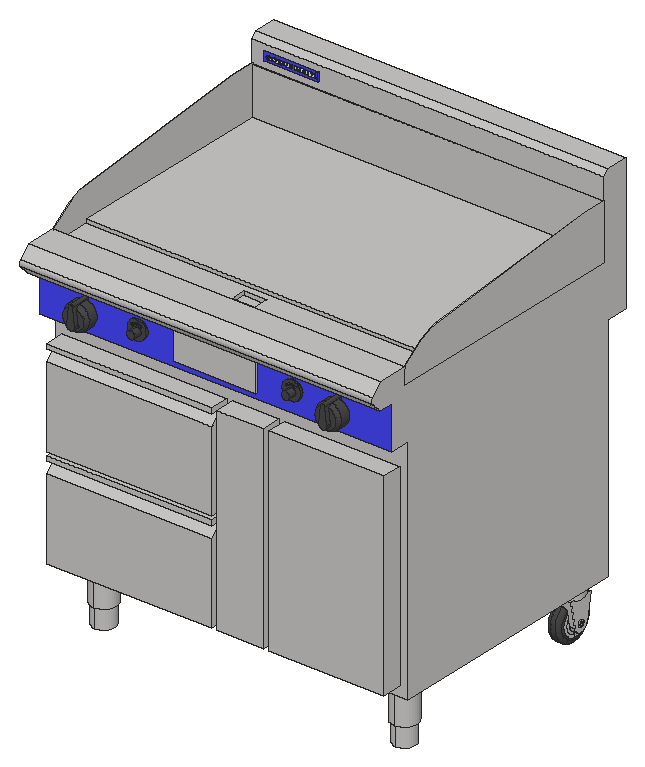
Revit family "QF_MOFFAT_BLUESEAL_CE_GP516-RB", category Specialty Equipment, Revit 2012
Parameters
  Weight in Pounds = 440  # constant formula
  Width [instance] = 900 mm  # constant formula
  Watts = Volts * FL Amps  # 414 W
  Volts = 230 V
  URL Cutsheet = "www.moffat.com"
  URL = "www.moffat.com"
  Type Mark [instance] = ""
  Status [instance] = ""
  Specification by User [instance] = ""
  Specification by Manufacturer = ""
  Show Logo [instance] = yes
  Show Door [instance] = no
  Show Clearance [instance] = yes
  Show Casters [instance] = yes
  Serial Number = ""
  Seismic Rating = ""
  SMACNA No = ""
  Revision Code [instance] = ""
  Phase = 1
  Omniclass Number and Title = ""
  Number of Poles = 1
  NAFEM Spec ID Number = ""
  Model = "GP516-RB"
  Min Ckt Ampacity = 0 A
  Mechanical Remarks = ""
  Mechanical Connection Type = ""
  Max Overcurrent Protection = 0 A
  Masterspec = ""
  Manufacturer = "MOFFAT BLUESEAL"
  Legs [instance] = not(Show Casters)  # no
  Item Number [instance] = ""
  Installed By [instance] = ""
  Identify Quantity as Lot [instance] = yes
  Height = 1085 mm  # constant formula
  HP = ""
  Gas Size = 3/4"
  Gas RI Height [instance] = 0 mm
  Gas KW = 23
  Gas Input = 78300.0 Btu/h
  Gas Connection Height = 0 mm
  Furnished By [instance] = ""
  Foodservice Equipment Identifier [instance] = yes
  FL Amps = 1.8 A
  Elec Conn RI Height = 0 mm
  Elec Conn Connection Height = 0 mm
  Drawer Clearance [instance] = and(Show Clearance, and(Drawer))  # yes
  Drawer [instance] = not(Show Door)  # yes
  Door Clearance [instance] = and(Show Clearance, and(Show Door))  # no
  Description = "900MM GAS GRIDDLE PLATE ON REFRIGERATED BASE"
  Depth [instance] = 812 mm  # constant formula
  Cycle = 50 Hz
  Conn Plug = ""
  Conn Conduit = yes
  CSI MasterFormat = ""
  CSI Master Format = ""
  Back Splash [instance] = 215 mm  # constant formula
  Apparent Power = if(Phase = 3, Volts * FL Amps * 1.73, Volts * FL Amps)  # 414 VA
Reference planes
  plane 1 "BACK": y = 0
  plane 2: z = 0
  plane 3 "LEFT": x = 0
  plane 4 "RIGHT": x = 900
  plane 5 "FRONT": y = -812
  plane 6 "TOP": z = 970
  plane 7 "Center Y": x = 450
  plane 8 "Center X": y = -406
  plane 9 "Base Height": z = 150
  plane 10: z = 915
  plane 11: x = 65
  plane 12: x = 834
  plane 13: y = -625
  plane 14: x = 770
  plane 15: z = 655
  plane 16: y = -32
  plane 17: z = 402
  plane 18: z = 1085
  plane 19: y = -100
Forms (mm)
  Extrusion 1, solid, material "QF_Finishes_Stainless Steel"
    sketch origin (0, 0, 0) x (0, 1, 0) y (0, 0, 1)
      loop
        line (-697, 150) -> (-57, 150) -> (-57, 740) -> (0, 740) -> (0, 1085) -> (-57.5, 1085) -> (-70, 1072.5) -> (-70, 875) -> (-705, 875) -> (-705, 915) -> (-783.97, 915) -> (-808.485, 890.485)
        arc (-808.485, 890.485) -> (-811.999, 882) -> (-808.485, 873.515) r 12
        line (-808.485, 873.515) -> (-784.97, 850) -> (-749, 850) -> (-749, 740) -> (-697, 740) -> (-697, 150)
    from 0 to 900
  Revolve 2, solid, material "QF_Finishes_Stainless Steel", visible <- "Legs"
    sketch origin (834, -210, 0) x (0, 1, 0) y (0, 0, -1)
      loop
        line (78.25, -150) -> (110, -150) -> (110, 0) -> (82.5, 0) -> (82.5, -50) -> (78.25, -50) -> (78.25, -150)
      axis (110, -150) -> (110, 0)
    angle from 0 to 360
  Revolve 3, solid, material "QF_Finishes_Stainless Steel"
    sketch origin (834, -735, 0) x (0, 1, 0) y (0, 0, -1)
      loop
        line (78.25, -150) -> (110, -150) -> (110, 0) -> (82.5, 0) -> (82.5, -50) -> (78.25, -50) -> (78.25, -150)
      axis (110, -150) -> (110, 0)
    angle from 0 to 360
  Revolve 4, solid, material "QF_Finishes_Stainless Steel", visible <- "Legs"
    sketch origin (65, -210, 0) x (0, 1, 0) y (0, 0, -1)
      loop
        line (78.25, -150) -> (110, -150) -> (110, 0) -> (82.5, 0) -> (82.5, -50) -> (78.25, -50) -> (78.25, -150)
      axis (110, -150) -> (110, 0)
    angle from 0 to 360
  Revolve 5, solid, material "QF_Finishes_Stainless Steel"
    sketch origin (65, -735, 0) x (0, 1, 0) y (0, 0, -1)
      loop
        line (78.25, -150) -> (110, -150) -> (110, 0) -> (82.5, 0) -> (82.5, -50) -> (78.25, -50) -> (78.25, -150)
      axis (110, -150) -> (110, 0)
    angle from 0 to 360
  Extrusion 6, solid, material "QF_Finishes_Stainless Steel"
    sketch origin (0, 0, 740) x (-1, 0, 0) y (0, 1, 0)
      loop
        circle (-770, -32) r 9.525
    from 0 to 85
  Extrusion 7, solid, material "QF_Finishes_Stainless Steel"
    sketch origin (0, -57, 685) x (0, 0, 1) y (1, 0, 0)
      loop
        circle (-265, 620) r 13.5
    from 0 to 3.18
  Revolve 8, solid, material "QF_Finishes_Black"
    sketch origin (127.5, 0, 597.8) x (0, 1, 0) y (0, 0, -1)
      loop
        line (-789, -229.5) -> (-766, -229.5) -> (-766, -202) -> (-756, -202) -> (-756, -197) -> (-800, -197) -> (-800, -223.651) -> (-789, -229.5)
      axis (-800, -197) -> (-756, -197)
    angle from 0 to 360
  Extrusion 9, solid, material "QF_Finishes_Black"
    sketch origin (265.77, 0, 597.958) x (-1, 0, 0) y (0, 0, -1)
      loop
        line (127.85, -186.037) -> (133.271, -228.955)
        arc (133.271, -228.955) -> (138.27, -233.842) -> (143.268, -228.955) r 5
        line (143.268, -228.955) -> (148.757, -184.87)
        arc (148.757, -184.87) -> (137.685, -174.371) -> (127.85, -186.037) r 10.487
    from 759 to 808
  Revolve 10, solid, material "QF_Finishes_Black"
    sketch origin (772.616, 0, 597.8) x (0, 1, 0) y (0, 0, -1)
      loop
        line (-789, -229.5) -> (-766, -229.5) -> (-766, -202) -> (-756, -202) -> (-756, -197) -> (-800, -197) -> (-800, -223.651) -> (-789, -229.5)
      axis (-800, -197) -> (-756, -197)
    angle from 0 to 360
  Extrusion 11, solid, material "QF_Finishes_Black"
    sketch origin (910.885, 0, 597.958) x (-1, 0, 0) y (0, 0, -1)
      loop
        line (127.85, -186.037) -> (133.271, -228.955)
        arc (133.271, -228.955) -> (138.27, -233.842) -> (143.268, -228.955) r 5
        line (143.268, -228.955) -> (148.757, -184.87)
        arc (148.757, -184.87) -> (137.685, -174.371) -> (127.85, -186.037) r 10.487
    from 759 to 808
  Revolve 12, solid, material "QF_Finishes_Stainless Steel", visible <- "Show Casters"
    sketch origin (485.423, -100.755, -12.798) x (1, 0, 0) y (0, 0, 1)
      loop
        line (314.841, 63.604) -> (383.584, 63.604) -> (383.584, 67.109) -> (382.314, 68.379) -> (380.79, 68.379) -> (380.79, 71.826) -> (368.644, 71.826) -> (368.644, 81.79) -> (365.088, 83.843) -> (363.738, 92.179) -> (365.881, 92.179) -> (365.881, 98.529) -> (365.088, 98.529) -> (365.088, 104.879)
        arc (365.088, 104.879) -> (362.298, 111.614) -> (355.563, 114.404) r 9.525
        line (355.563, 114.404) -> (342.863, 114.404)
        arc (342.863, 114.404) -> (336.127, 111.614) -> (333.338, 104.879) r 9.525
        line (333.338, 104.879) -> (333.338, 98.529) -> (332.544, 98.529) -> (332.544, 92.179) -> (334.687, 92.179) -> (333.352, 83.932) -> (329.782, 81.871) -> (329.782, 71.826) -> (317.635, 71.826) -> (317.635, 68.379) -> (316.111, 68.379) -> (314.841, 67.109) -> (314.841, 63.604)
      axis (314.841, 63.604) -> (383.584, 63.604)
    angle from 0 to 360
  Extrusion 13, solid, material "QF_Finishes_Stainless Steel", visible <- "Show Casters"
    sketch origin (841.147, 132.353, -9.137) x (0, 1, 0) y (0, 0, 1)
      loop
        line (-200.603, 118.783) -> (-264.103, 118.783) -> (-251.746, 53.895)
        arc (-251.746, 53.895) -> (-232.353, 38.783) -> (-212.959, 53.895) r 20
        line (-212.959, 53.895) -> (-200.603, 118.783)
    from -35.667 to 22.923
  Revolve 14, solid, material "QF_Finishes_Stainless Steel", visible <- "Show Casters"
    sketch origin (834.646, -204, -0.354) x (0, 1, 0) y (0, 0, 1)
      loop
        line (68.25, 150) -> (68.25, 110) -> (104, 110) -> (104, 150) -> (68.25, 150)
      axis (104, 150) -> (104, 110)
    angle from 0 to 360
  Revolve 15, solid, material "QF_Finishes_Stainless Steel", visible <- "Show Casters"
    sketch origin (-283.577, -100.755, -12.798) x (1, 0, 0) y (0, 0, 1)
      loop
        line (314.841, 63.604) -> (383.584, 63.604) -> (383.584, 67.109) -> (382.314, 68.379) -> (380.79, 68.379) -> (380.79, 71.826) -> (368.644, 71.826) -> (368.644, 81.79) -> (365.088, 83.843) -> (363.738, 92.179) -> (365.881, 92.179) -> (365.881, 98.529) -> (365.088, 98.529) -> (365.088, 104.879)
        arc (365.088, 104.879) -> (362.298, 111.614) -> (355.563, 114.404) r 9.525
        line (355.563, 114.404) -> (342.863, 114.404)
        arc (342.863, 114.404) -> (336.127, 111.614) -> (333.338, 104.879) r 9.525
        line (333.338, 104.879) -> (333.338, 98.529) -> (332.544, 98.529) -> (332.544, 92.179) -> (334.687, 92.179) -> (333.352, 83.932) -> (329.782, 81.871) -> (329.782, 71.826) -> (317.635, 71.826) -> (317.635, 68.379) -> (316.111, 68.379) -> (314.841, 67.109) -> (314.841, 63.604)
      axis (314.841, 63.604) -> (383.584, 63.604)
    angle from 0 to 360
  Extrusion 16, solid, material "QF_Finishes_Stainless Steel", visible <- "Show Casters"
    sketch origin (72.147, 132.353, -9.137) x (0, 1, 0) y (0, 0, 1)
      loop
        line (-200.603, 118.783) -> (-264.103, 118.783) -> (-251.746, 53.895)
        arc (-251.746, 53.895) -> (-232.353, 38.783) -> (-212.959, 53.895) r 20
        line (-212.959, 53.895) -> (-200.603, 118.783)
    from -35.667 to 22.923
  Revolve 17, solid, material "QF_Finishes_Stainless Steel", visible <- "Show Casters"
    sketch origin (65.646, -204, -0.354) x (0, 1, 0) y (0, 0, 1)
      loop
        line (68.25, 150) -> (68.25, 110) -> (104, 110) -> (104, 150) -> (68.25, 150)
      axis (104, 150) -> (104, 110)
    angle from 0 to 360
  Extrusion 18, solid, material "QF_Finishes_Stainless Steel"
    sketch origin (0, -749, 866) x (0, 0, -1) y (1, 0, 0)
      loop
        line (112.1, 345) -> (112.1, 555) -> (25.201, 555) -> (25.201, 345) -> (112.1, 345)
    from 0 to 2
  Extrusion 19, solid, material "QF_Finishes_Stainless Steel"
    sketch origin (0, -751, 866) x (0, 0, -1) y (1, 0, 0)
      loop
        line (31, 555) -> (24, 555) -> (24, 345) -> (31, 345) -> (31, 555)
    from 0 to 5
  Extrusion 20, solid, material "QF_Finishes_Black"
    sketch origin (17.5, -749, 864.306) x (0, 0, -1) y (1, 0, 0)
      loop
        circle (70, 235) r 24
      loop
        arc (60.1, 249.913) -> (52.064, 235.125) -> (59.882, 220.219) r 17.868
        arc (59.882, 220.219) -> (60.362, 219.934) -> (60.877, 220.149) r 0.621
        arc (60.877, 220.149) -> (62.314, 222.708) -> (62.658, 225.622) r 7.495
        arc (62.658, 225.622) -> (62.454, 226.55) -> (62.006, 227.388) r 3.472
        arc (62.006, 227.388) -> (59.714, 234.851) -> (61.844, 242.362) r 13.786
        arc (61.844, 242.362) -> (62.484, 243.632) -> (62.749, 245.028) r 5.101
        arc (62.749, 245.028) -> (62.378, 247.547) -> (61.084, 249.739) r 6.611
        arc (61.084, 249.739) -> (60.622, 249.997) -> (60.1, 249.913) r 0.806
    from 0 to 5
  Extrusion 21, solid, material "QF_Finishes_Black"
    sketch origin (17.5, -754, 864.306) x (0, 0, -1) y (1, 0, 0)
      loop
        circle (73.5, 235) r 10
    from 0 to 18.251
  Extrusion 22, solid, material "QF_Finishes_Black"
    sketch origin (413.125, -749, 864.306) x (0, 0, -1) y (1, 0, 0)
      loop
        circle (70, 235) r 24
      loop
        arc (60.1, 249.913) -> (52.064, 235.125) -> (59.882, 220.219) r 17.868
        arc (59.882, 220.219) -> (60.362, 219.934) -> (60.877, 220.149) r 0.621
        arc (60.877, 220.149) -> (62.314, 222.708) -> (62.658, 225.622) r 7.495
        arc (62.658, 225.622) -> (62.454, 226.55) -> (62.006, 227.388) r 3.472
        arc (62.006, 227.388) -> (59.714, 234.851) -> (61.844, 242.362) r 13.786
        arc (61.844, 242.362) -> (62.484, 243.632) -> (62.749, 245.028) r 5.101
        arc (62.749, 245.028) -> (62.378, 247.547) -> (61.084, 249.739) r 6.611
        arc (61.084, 249.739) -> (60.622, 249.997) -> (60.1, 249.913) r 0.806
    from 0 to 5
  Extrusion 23, solid, material "QF_Finishes_Black"
    sketch origin (413.125, -754, 864.306) x (0, 0, -1) y (1, 0, 0)
      loop
        circle (73.5, 235) r 10
    from 0 to 18.251
  Extrusion 24, solid, material "QF_Finishes_Stainless Steel"
    sketch origin (0, 0, 0) x (0, 1, 0) y (0, 0, 1)
      loop
        line (-699, 678) -> (-747, 678) -> (-747, 665) -> (-715.13, 665) -> (-749, 636.579) -> (-749, 431) -> (-699, 431) -> (-699, 678)
      loop
        line (-749, 175) -> (-699, 175) -> (-699, 421) -> (-747, 421) -> (-747, 408) -> (-715.13, 408) -> (-749, 379.579) -> (-749, 175)
    from 17.986 to 440
  Extrusion 25, solid, material "QF_Finishes_Stainless Steel"
    sketch origin (723.5, 0, 0) x (0, 1, 0) y (0, 0, 1)
      loop
        line (-699, 678) -> (-749, 678) -> (-749, 175) -> (-699, 175) -> (-699, 678)
    from -270.5 to -150.5
  Extrusion 26, solid, material "QF_Door-Drawer Clearances", visible <- "Show Clearance", detail levels coarse
    sketch origin (0, -749, 676) x (0, 0, -1) y (1, 0, 0)
      loop
        line (501, 440) -> (255, 440) -> (255, 17.986) -> (501, 17.986) -> (501, 440)
      loop
        line (245, 440) -> (-2, 440) -> (-2, 17.986) -> (245, 17.986) -> (245, 440)
    from 0 to 304.8
  Extrusion 27, solid, material "QF_Finishes_Stainless Steel"
    sketch origin (1031.5, 0, 0) x (0, 1, 0) y (0, 0, 1)
      loop
        line (-699, 678) -> (-749, 678) -> (-749, 175) -> (-699, 175) -> (-699, 678)
    from -444.5 to -150.5
Cuts and joins
  joined: Extrusion 18, Extrusion 19
Lines and regions (mm)
  Split face 1
    outline origin (0, 612.322, 1085) x (0, -1, 0) y (1, 0, 0)
      loop
        arc (657.707, 566) -> (652.707, 574.66) -> (642.707, 574.66) r 10
        line (642.707, 574.66) -> (635.707, 570.619)
        arc (635.707, 570.619) -> (632.047, 566.959) -> (630.707, 561.959) r 10
        line (630.707, 561.959) -> (630.707, 334)
        arc (630.707, 334) -> (635.707, 325.34) -> (645.707, 325.34) r 10
        line (645.707, 325.34) -> (652.707, 329.381)
        arc (652.707, 329.381) -> (656.368, 333.041) -> (657.707, 338.041) r 10
        line (657.707, 338.041) -> (657.707, 566)
  Split face 2
    outline origin (0, 612.322, 1085) x (0, -1, 0) y (1, 0, 0)
      loop
        arc (630.707, 624) -> (635.707, 615.34) -> (645.707, 615.34) r 10
        line (645.707, 615.34) -> (652.707, 619.381)
        arc (652.707, 619.381) -> (656.368, 623.041) -> (657.707, 628.041) r 10
        line (657.707, 628.041) -> (657.707, 856)
        arc (657.707, 856) -> (652.707, 864.66) -> (642.707, 864.66) r 10
        line (642.707, 864.66) -> (635.707, 860.619)
        arc (635.707, 860.619) -> (632.047, 856.959) -> (630.707, 851.959) r 10
        line (630.707, 851.959) -> (630.707, 624)
  Split face 3
    outline origin (0, 612.322, 1085) x (0, -1, 0) y (1, 0, 0)
      loop
        arc (657.707, 276) -> (652.707, 284.66) -> (642.707, 284.66) r 10
        line (642.707, 284.66) -> (635.707, 280.619)
        arc (635.707, 280.619) -> (632.047, 276.959) -> (630.707, 271.959) r 10
        line (630.707, 271.959) -> (630.707, 44)
        arc (630.707, 44) -> (635.707, 35.34) -> (645.707, 35.34) r 10
        line (645.707, 35.34) -> (652.707, 39.381)
        arc (652.707, 39.381) -> (656.368, 43.041) -> (657.707, 48.041) r 10
        line (657.707, 48.041) -> (657.707, 276)
  Split face 4
    outline origin (345, -751, 753.9) x (0, 0, -1) y (1, 0, 0)
      loop
        arc (-69, 112) -> (-73, 116) -> (-77, 112) r 4
        line (-77, 112) -> (-77, 98)
        arc (-77, 98) -> (-73, 94) -> (-69, 98) r 4
        line (-69, 98) -> (-69, 112)
  Split face 5
    outline origin (1031.5, -749, 676) x (0, 0, -1) y (1, 0, 0)
      loop
        line (291.62, -416.534) -> (481.62, -416.534) -> (481.62, -181.534) -> (291.62, -181.534) -> (291.62, -416.534)
  Split face 6
    outline origin (1031.5, -749, 931) x (0, 0, -1) y (1, 0, 0)
      loop
        line (291.62, -416.534) -> (356.62, -416.534) -> (356.62, -181.534) -> (291.62, -181.534) -> (291.62, -416.534)
  Split face 7
    outline origin (1031.5, -749, 807.725) x (0, 0, -1) y (1, 0, 0)
      loop
        line (307.841, -274.649) -> (342.841, -274.649) -> (342.841, -219.649) -> (307.841, -219.649) -> (307.841, -274.649)
  Split face 8
    outline origin (939.097, -749, 808.536) x (0, 0, -1) y (1, 0, 0)
      loop
        line (307.841, -274.649) -> (342.841, -274.649) -> (342.841, -239.649) -> (307.841, -239.649) -> (307.841, -274.649)
  symbolic lines
    curve 1: line (0, 0, 0) -> (0, -812, 0)
    curve 2: line (900, 0, 0) -> (0, 0, 0)
    curve 3: line (900, -812, 0) -> (900, 0, 0)
    curve 4: line (0, -812, 0) -> (900, -812, 0)
    curve 13: line (0, -783.97, 0) -> (900, -783.97, 0)
    curve 14: line (44, -18.385, 0) -> (271.959, -18.385, 0)
    curve 15: arc (271.959, -18.385, 0) -> (276.959, -19.725, 0) -> (280.619, -23.385, 0) r 10
    curve 16: line (280.619, -23.385, 0) -> (284.66, -30.385, 0)
    curve 17: arc (284.66, -30.385, 0) -> (284.66, -40.385, 0) -> (276, -45.385, 0) r 10
    curve 18: line (276, -45.385, 0) -> (48.041, -45.385, 0)
    curve 19: arc (48.041, -45.385, 0) -> (43.041, -44.045, 0) -> (39.381, -40.385, 0) r 10
    curve 20: line (39.381, -40.385, 0) -> (35.34, -33.385, 0)
    curve 21: arc (35.34, -33.385, 0) -> (35.34, -23.385, 0) -> (44, -18.385, 0) r 10
    curve 22: line (561.959, -18.385, 0) -> (334, -18.385, 0)
    curve 23: arc (334, -18.385, 0) -> (325.34, -23.385, 0) -> (325.34, -33.385, 0) r 10
    curve 24: line (325.34, -33.385, 0) -> (329.381, -40.385, 0)
    curve 25: arc (329.381, -40.385, 0) -> (333.041, -44.045, 0) -> (338.041, -45.385, 0) r 10
    curve 26: line (338.041, -45.385, 0) -> (566, -45.385, 0)
    curve 27: arc (566, -45.385, 0) -> (574.66, -40.385, 0) -> (574.66, -30.385, 0) r 10
    curve 28: line (574.66, -30.385, 0) -> (570.619, -23.385, 0)
    curve 29: arc (570.619, -23.385, 0) -> (566.959, -19.725, 0) -> (561.959, -18.385, 0) r 10
    curve 30: line (851.959, -18.385, 0) -> (624, -18.385, 0)
    curve 31: arc (624, -18.385, 0) -> (615.34, -23.385, 0) -> (615.34, -33.385, 0) r 10
    curve 32: line (615.34, -33.385, 0) -> (619.381, -40.385, 0)
    curve 33: arc (619.381, -40.385, 0) -> (623.041, -44.045, 0) -> (628.041, -45.385, 0) r 10
    curve 34: line (628.041, -45.385, 0) -> (856, -45.385, 0)
    curve 35: arc (856, -45.385, 0) -> (864.66, -40.385, 0) -> (864.66, -30.385, 0) r 10
    curve 36: line (864.66, -30.385, 0) -> (860.619, -23.385, 0)
    curve 37: arc (860.619, -23.385, 0) -> (856.959, -19.725, 0) -> (851.959, -18.385, 0) r 10
    curve 38: line (900, -57, 0) -> (0, -57, 0)
  symbolic lines, style "SpecialityEquipmentHiddenLines", visible <- "Show Casters"
    curve 5: line (875.952, -62.61, 0) -> (825.152, -150.598, 0)
    curve 6: line (848.456, -46.735, 0) -> (875.952, -62.61, 0)
    curve 7: line (797.656, -134.723, 0) -> (848.456, -46.735, 0)
    curve 8: line (825.152, -150.598, 0) -> (797.656, -134.723, 0)
    curve 9: line (106.952, -62.61, 0) -> (56.152, -150.598, 0)
    curve 10: line (79.456, -46.735, 0) -> (106.952, -62.61, 0)
    curve 11: line (28.656, -134.723, 0) -> (79.456, -46.735, 0)
    curve 12: line (56.152, -150.598, 0) -> (28.656, -134.723, 0)
  symbolic lines, style "QF_Door-Drawer Clearances"
    curve 39: line (17.986, -1053.8, 0) -> (17.986, -812, 0)
    curve 40: line (17.986, -1053.8, 0) -> (440, -1053.8, 0)
    curve 41: line (440, -1053.8, 0) -> (440, -812, 0)
Dimensions and locks
  equal spacing: plane 3 "LEFT", plane 7 "Center Y", plane 4 "RIGHT"
  "Width": plane 3 "LEFT" to plane 4 "RIGHT"
  equal spacing: plane 5 "FRONT", plane 8 "Center X", plane 1 "BACK"
  "Depth": plane 5 "FRONT" to plane 1 "BACK"
  locked: plane 10 to level at 915
  locked: plane 9 "Base Height" to level at 150
  plane 6 "TOP" to plane 10 = 55 mm
  plane 12 to plane 11 = 769 mm
  plane 14 to plane 4 "RIGHT" = 130 mm
  plane 15 to level = 655 mm
  plane 16 to plane 1 "BACK" = 32 mm
  plane 17 to level = 402 mm
  Revolve 12 sketch curve to Revolve 12 sketch curve = 50.8 mm
  Revolve 15 sketch curve to Revolve 15 sketch curve = 50.8 mm
  "Height": plane 18 to level
  Extrusion 7 sketch curve to plane 4 "RIGHT" = 280 mm
  Extrusion 7 sketch curve to level = 420 mm
  Extrusion 6 sketch curve to plane 4 "RIGHT" = 130 mm
  aligned and locked: level to plane 2
Automatic sketch dimensions
  Extrusion 1 sketch curve to plane 10 = 0 mm
  Extrusion 1 sketch curve to plane 9 "Base Height" = 0 mm
  Extrusion 1 sketch curve to plane 18 = 0 mm
  Extrusion 1 sketch curve to plane 1 "BACK" = 0 mm
  Extrusion 1 sketch curve to plane 16 = 25 mm
  Extrusion 1 sketch curve to plane 16 = 25.5 mm
  Extrusion 1 sketch curve to plane 19 = 30 mm
  Extrusion 1 sketch curve to plane 13 = 72 mm
  Extrusion 1 sketch curve to plane 13 = 80 mm
  Extrusion 1 sketch curve to Extrusion 1 sketch curve = 44 mm
  Extrusion 1 sketch curve to plane 5 "FRONT" = 28.03 mm
  Extrusion 1 sketch curve to plane 5 "FRONT" = 27.03 mm
  Extrusion 1 sketch curve to plane 5 "FRONT" = 12.001 mm
  Extrusion 1 sketch curve to plane 5 "FRONT" = 3.515 mm  (x2)
  plane 15 to Extrusion 1 sketch curve = 85 mm  (x2)
  Extrusion 1 sketch curve to plane 10 = 65 mm
  Extrusion 1 sketch curve to Extrusion 1 sketch curve = 23.515 mm
  Extrusion 1 sketch curve to Extrusion 1 sketch curve = 40 mm
  Extrusion 1 sketch curve to Extrusion 1 sketch curve = 8.485 mm
  Extrusion 1 sketch curve to plane 18 = 12.5 mm
  Revolve 2 sketch curve to plane 9 "Base Height" = 0 mm
  Revolve 2 sketch curve to level = 0 mm
  Revolve 2 sketch curve to plane 19 = 0 mm  (x2)
  plane 19 to Revolve 2 sketch curve = 27.5 mm
  plane 19 to Revolve 2 sketch curve = 31.75 mm
  level to Revolve 2 sketch curve = 50 mm
  Revolve 2 sketch curve to Revolve 2 sketch curve = 0 mm
  Revolve 2 sketch curve to Revolve 2 sketch curve = 55 mm
  Revolve 3 sketch curve to plane 9 "Base Height" = 0 mm
  Revolve 3 sketch curve to level = 0 mm
  Revolve 3 sketch curve to plane 13 = 0 mm  (x2)
  Revolve 3 sketch curve to plane 13 = 27.5 mm
  Revolve 3 sketch curve to plane 13 = 31.75 mm
  level to Revolve 3 sketch curve = 50 mm
  Revolve 3 sketch curve to Revolve 3 sketch curve = 0 mm
  Revolve 3 sketch curve to Revolve 3 sketch curve = 55 mm
  Revolve 4 sketch curve to plane 9 "Base Height" = 0 mm
  Revolve 4 sketch curve to level = 0 mm
  Revolve 4 sketch curve to plane 19 = 0 mm  (x2)
  plane 19 to Revolve 4 sketch curve = 27.5 mm
  plane 19 to Revolve 4 sketch curve = 31.75 mm
  level to Revolve 4 sketch curve = 50 mm
  Revolve 4 sketch curve to Revolve 4 sketch curve = 0 mm
  Revolve 4 sketch curve to Revolve 4 sketch curve = 55 mm
  Revolve 5 sketch curve to plane 9 "Base Height" = 0 mm
  Revolve 5 sketch curve to level = 0 mm
  Revolve 5 sketch curve to plane 13 = 0 mm  (x2)
  Revolve 5 sketch curve to plane 13 = 27.5 mm
  Revolve 5 sketch curve to plane 13 = 31.75 mm
  level to Revolve 5 sketch curve = 50 mm
  Revolve 5 sketch curve to Revolve 5 sketch curve = 0 mm
  Revolve 5 sketch curve to Revolve 5 sketch curve = 55 mm
  Extrusion 6 sketch curve to Extrusion 1 = 25 mm
  Revolve 8 sketch curve to plane 5 "FRONT" = 12 mm
  Revolve 8 sketch curve to Revolve 8 sketch curve = 0 mm  (x2)
  Revolve 8 sketch curve to Revolve 8 sketch curve = 11 mm
  Revolve 8 sketch curve to Revolve 8 sketch curve = 12.7 mm
  Revolve 8 sketch curve to Revolve 8 sketch curve = 23 mm
  Revolve 8 sketch curve to Revolve 8 sketch curve = 10 mm
  Revolve 8 sketch curve to plane 10 = 87.7 mm
  Revolve 8 sketch curve to Revolve 8 sketch curve = 5.849 mm
  Revolve 8 sketch curve to Revolve 8 sketch curve = 27.5 mm
  Revolve 8 sketch curve to Revolve 8 sketch curve = 5 mm
  plane 11 to Extrusion 9 sketch curve = 72.919 mm
  Extrusion 9 sketch curve to Extrusion 9 sketch curve = 5.421 mm
  Extrusion 9 sketch curve to Extrusion 9 sketch curve = 10.419 mm
  Extrusion 9 sketch curve to Extrusion 9 sketch curve = 4.999 mm  (x2)
  Extrusion 9 sketch curve to plane 10 = 88.087 mm
  Extrusion 9 sketch curve to Extrusion 9 sketch curve = 10.487 mm
  Extrusion 9 sketch curve to Extrusion 9 sketch curve = 0.113 mm
  Extrusion 9 sketch curve to Extrusion 9 sketch curve = 42.919 mm
  Extrusion 9 sketch curve to Extrusion 9 sketch curve = 1.167 mm
  Revolve 10 sketch curve to plane 5 "FRONT" = 12 mm
  Revolve 10 sketch curve to Revolve 10 sketch curve = 0 mm  (x2)
  Revolve 10 sketch curve to Revolve 10 sketch curve = 11 mm
  Revolve 10 sketch curve to Revolve 10 sketch curve = 12.7 mm
  Revolve 10 sketch curve to Revolve 10 sketch curve = 23 mm
  Revolve 10 sketch curve to Revolve 10 sketch curve = 10 mm
  Revolve 10 sketch curve to plane 10 = 87.7 mm
  Revolve 10 sketch curve to Revolve 10 sketch curve = 5.849 mm
  Revolve 10 sketch curve to Revolve 10 sketch curve = 27.5 mm
  Revolve 10 sketch curve to Revolve 10 sketch curve = 5 mm
  Extrusion 11 sketch curve to Extrusion 11 sketch curve = 5.421 mm
  Extrusion 11 sketch curve to Extrusion 11 sketch curve = 10.419 mm
  Extrusion 11 sketch curve to Extrusion 11 sketch curve = 4.999 mm  (x2)
  Extrusion 11 sketch curve to Extrusion 11 sketch curve = 10.487 mm
  Extrusion 11 sketch curve to plane 10 = 88.087 mm
  Extrusion 11 sketch curve to Extrusion 11 sketch curve = 0.113 mm
  Extrusion 11 sketch curve to Extrusion 11 sketch curve = 42.919 mm
  Extrusion 11 sketch curve to Extrusion 11 sketch curve = 1.167 mm
  plane 14 to Revolve 12 sketch curve = 30.264 mm
  Revolve 12 sketch curve to Revolve 12 sketch curve = 1.27 mm  (x4)
  Revolve 12 sketch curve to Revolve 12 sketch curve = 1.524 mm  (x2)
  Revolve 12 sketch curve to Revolve 12 sketch curve = 12.146 mm  (x2)
  plane 12 to Revolve 12 sketch curve = 16.033 mm
  Revolve 12 sketch curve to Revolve 12 sketch curve = 0.794 mm  (x2)
  Revolve 12 sketch curve to Revolve 12 sketch curve = 3.57 mm
  Revolve 12 sketch curve to Revolve 12 sketch curve = 2.143 mm
  plane 12 to Revolve 12 sketch curve = 5.715 mm
  Revolve 12 sketch curve to plane 12 = 5.776 mm
  Revolve 12 sketch curve to plane 12 = 6.985 mm
  Revolve 12 sketch curve to Revolve 12 sketch curve = 8.176 mm
  Revolve 12 sketch curve to Revolve 12 sketch curve = 1.349 mm  (x2)
  Revolve 12 sketch curve to Revolve 12 sketch curve = 3.556 mm
  Revolve 12 sketch curve to plane 4 "RIGHT" = 2.327 mm
  level to Revolve 12 sketch curve = 50.806 mm
  Revolve 12 sketch curve to Revolve 12 sketch curve = 0 mm
  Revolve 12 sketch curve to Revolve 12 sketch curve = 3.505 mm  (x2)
  Revolve 12 sketch curve to Revolve 12 sketch curve = 3.447 mm  (x2)
  Revolve 12 sketch curve to Revolve 12 sketch curve = 9.964 mm
  Revolve 12 sketch curve to Revolve 12 sketch curve = 10.045 mm
  Revolve 12 sketch curve to Revolve 12 sketch curve = 2.053 mm
  Revolve 12 sketch curve to Revolve 12 sketch curve = 2.061 mm
  Revolve 12 sketch curve to Revolve 12 sketch curve = 8.247 mm
  Revolve 12 sketch curve to Revolve 12 sketch curve = 8.336 mm
  Revolve 12 sketch curve to Revolve 12 sketch curve = 6.35 mm  (x2)
  Extrusion 13 sketch curve to plane 19 = 0 mm
  plane 19 to Extrusion 13 sketch curve = 19.393 mm
  plane 19 to Extrusion 13 sketch curve = 31.75 mm
  Extrusion 13 sketch curve to plane 19 = 19.393 mm
  Extrusion 13 sketch curve to plane 19 = 31.75 mm
  level to Extrusion 13 sketch curve = 44.758 mm
  Extrusion 13 sketch curve to Extrusion 13 sketch curve = 4.889 mm
  Extrusion 13 sketch curve to plane 9 "Base Height" = 40.354 mm
  Revolve 14 sketch curve to plane 19 = 0 mm  (x2)
  Revolve 14 sketch curve to plane 9 "Base Height" = 0.354 mm
  Revolve 14 sketch curve to Revolve 14 sketch curve = 35.75 mm
  Revolve 14 sketch curve to Revolve 14 sketch curve = 40 mm
  level to Revolve 14 sketch curve = 49.646 mm
  Revolve 14 sketch curve to level = 55.354 mm
  plane 3 "LEFT" to Revolve 15 sketch curve = 31.264 mm
  Revolve 15 sketch curve to Revolve 15 sketch curve = 1.27 mm  (x4)
  Revolve 15 sketch curve to Revolve 15 sketch curve = 1.524 mm  (x2)
  Revolve 15 sketch curve to Revolve 15 sketch curve = 12.146 mm  (x2)
  Revolve 15 sketch curve to plane 11 = 16.033 mm
  Revolve 15 sketch curve to Revolve 15 sketch curve = 0.794 mm  (x2)
  Revolve 15 sketch curve to Revolve 15 sketch curve = 3.57 mm
  Revolve 15 sketch curve to Revolve 15 sketch curve = 2.143 mm
  Revolve 15 sketch curve to plane 11 = 5.715 mm
  plane 11 to Revolve 15 sketch curve = 5.776 mm
  plane 11 to Revolve 15 sketch curve = 6.985 mm
  Revolve 15 sketch curve to Revolve 15 sketch curve = 8.176 mm
  Revolve 15 sketch curve to Revolve 15 sketch curve = 1.349 mm  (x2)
  Revolve 15 sketch curve to Revolve 15 sketch curve = 3.556 mm
  Revolve 15 sketch curve to Revolve 15 sketch curve = 33.32 mm
  level to Revolve 15 sketch curve = 50.806 mm
  Revolve 15 sketch curve to Revolve 15 sketch curve = 0 mm
  Revolve 15 sketch curve to Revolve 15 sketch curve = 3.505 mm  (x2)
  Revolve 15 sketch curve to Revolve 15 sketch curve = 3.447 mm  (x2)
  Revolve 15 sketch curve to Revolve 15 sketch curve = 9.964 mm
  Revolve 15 sketch curve to Revolve 15 sketch curve = 10.045 mm
  Revolve 15 sketch curve to Revolve 15 sketch curve = 2.053 mm
  Revolve 15 sketch curve to Revolve 15 sketch curve = 2.061 mm
  Revolve 15 sketch curve to Revolve 15 sketch curve = 8.247 mm
  Revolve 15 sketch curve to Revolve 15 sketch curve = 8.336 mm
  Revolve 15 sketch curve to Revolve 15 sketch curve = 6.35 mm  (x2)
  Extrusion 16 sketch curve to plane 19 = 0 mm
  plane 19 to Extrusion 16 sketch curve = 19.393 mm
  plane 19 to Extrusion 16 sketch curve = 31.75 mm
  Extrusion 16 sketch curve to plane 19 = 19.393 mm
  Extrusion 16 sketch curve to plane 19 = 31.75 mm
  level to Extrusion 16 sketch curve = 44.758 mm
  Extrusion 16 sketch curve to Extrusion 16 sketch curve = 4.889 mm
  Extrusion 16 sketch curve to plane 9 "Base Height" = 40.354 mm
  Revolve 17 sketch curve to plane 19 = 0 mm  (x2)
  Revolve 17 sketch curve to plane 9 "Base Height" = 0.354 mm
  plane 19 to Revolve 17 sketch curve = 35.75 mm
  Revolve 17 sketch curve to Revolve 17 sketch curve = 40 mm
  level to Revolve 17 sketch curve = 49.646 mm
  Revolve 17 sketch curve to level = 55.354 mm
  Split face 1 sketch curve to Extrusion 1 = 18.385 mm
  Split face 1 sketch curve to Split face 1 sketch curve = 5 mm  (x2)
  Split face 1 sketch curve to Split face 1 sketch curve = 10 mm  (x3)
  Split face 1 sketch curve to Split face 1 sketch curve = 7 mm  (x4)
  Split face 1 sketch curve to Extrusion 1 = 325.34 mm
  Split face 1 sketch curve to Split face 1 sketch curve = 4.041 mm  (x2)
  Split face 1 sketch curve to Split face 1 sketch curve = 223.917 mm
  Split face 2 sketch curve to Extrusion 1 = 18.385 mm
  Split face 2 sketch curve to Split face 2 sketch curve = 5 mm  (x3)
  Split face 2 sketch curve to Split face 2 sketch curve = 10 mm  (x2)
  Split face 2 sketch curve to Split face 2 sketch curve = 7 mm  (x4)
  Split face 2 sketch curve to Extrusion 1 = 284.66 mm
  Split face 2 sketch curve to Split face 2 sketch curve = 4.041 mm  (x2)
  Split face 2 sketch curve to Extrusion 1 = 48.041 mm
  Split face 3 sketch curve to Extrusion 1 = 18.385 mm
  Split face 3 sketch curve to Split face 3 sketch curve = 5 mm  (x2)
  Split face 3 sketch curve to Split face 3 sketch curve = 10 mm  (x3)
  Split face 3 sketch curve to Split face 3 sketch curve = 7 mm  (x4)
  Split face 3 sketch curve to Extrusion 1 = 35.34 mm
  Split face 3 sketch curve to Split face 3 sketch curve = 4.041 mm  (x2)
  Split face 3 sketch curve to Split face 3 sketch curve = 223.917 mm
  Extrusion 18 sketch curve to Extrusion 1 = 9.201 mm
  Extrusion 18 sketch curve to Extrusion 1 = 13.9 mm
  Extrusion 1 to Extrusion 18 sketch curve = 345 mm
  Extrusion 18 sketch curve to Extrusion 18 sketch curve = 210 mm
  Extrusion 19 sketch curve to Extrusion 18 = 0 mm  (x2)
  Extrusion 18 to Extrusion 19 sketch curve = 1.201 mm
  Extrusion 19 sketch curve to Extrusion 18 = 5.799 mm
  cut or joined group of Extrusion 18, Extrusion 19 to Split face 4 sketch curve = 4.1 mm
  Split face 4 sketch curve to Split face 4 sketch curve = 4 mm
  Split face 4 sketch curve to cut or joined group of Extrusion 18, Extrusion 19 = 98 mm
  Split face 4 sketch curve to Split face 4 sketch curve = 14 mm
  plane 14 to Extrusion 11 sketch curve = 13.035 mm
  Extrusion 20 sketch curve to plane 10 = 105.881 mm
  Extrusion 20 sketch curve to Extrusion 20 sketch curve = 0.958 mm
  Extrusion 20 sketch curve to Extrusion 20 sketch curve = 1.509 mm
  Extrusion 20 sketch curve to Extrusion 20 sketch curve = 4.01 mm
  Extrusion 20 sketch curve to Extrusion 20 sketch curve = 0.685 mm
  Extrusion 20 sketch curve to Extrusion 20 sketch curve = 2.447 mm
  Extrusion 20 sketch curve to Extrusion 20 sketch curve = 0.524 mm
  Extrusion 20 sketch curve to Extrusion 20 sketch curve = 0.381 mm
  Extrusion 20 sketch curve to Extrusion 20 sketch curve = 0.472 mm
  Extrusion 20 sketch curve to Extrusion 20 sketch curve = 0 mm  (x5)
  Extrusion 20 sketch curve to Extrusion 20 sketch curve = 0.602 mm
  Extrusion 20 sketch curve to Extrusion 20 sketch curve = 4.19 mm
  Extrusion 20 sketch curve to Extrusion 20 sketch curve = 2.809 mm
  Extrusion 20 sketch curve to Extrusion 20 sketch curve = 0.652 mm
  Extrusion 20 sketch curve to Extrusion 20 sketch curve = 0.905 mm
  Extrusion 20 sketch curve to Extrusion 20 sketch curve = 8.087 mm
  Extrusion 20 sketch curve to Extrusion 20 sketch curve = 0.069 mm
  Extrusion 20 sketch curve to Extrusion 20 sketch curve = 3.5 mm
  plane 11 to Extrusion 20 sketch curve = 172.649 mm
  Extrusion 20 sketch curve to Extrusion 20 sketch curve = 0.07 mm
  Extrusion 20 sketch curve to Extrusion 20 sketch curve = 7.606 mm
  Extrusion 20 sketch curve to Extrusion 20 sketch curve = 0.007 mm
  Extrusion 22 sketch curve to plane 10 = 105.881 mm
  Extrusion 22 sketch curve to Extrusion 22 sketch curve = 0.958 mm
  Extrusion 22 sketch curve to Extrusion 22 sketch curve = 1.509 mm
  Extrusion 22 sketch curve to Extrusion 22 sketch curve = 4.01 mm
  Extrusion 22 sketch curve to Extrusion 22 sketch curve = 0.685 mm
  Extrusion 22 sketch curve to Extrusion 22 sketch curve = 2.447 mm
  Extrusion 22 sketch curve to Extrusion 22 sketch curve = 0.524 mm
  Extrusion 22 sketch curve to Extrusion 22 sketch curve = 0.381 mm
  Extrusion 22 sketch curve to Extrusion 22 sketch curve = 0.472 mm
  Extrusion 22 sketch curve to Extrusion 22 sketch curve = 0 mm  (x5)
  Extrusion 22 sketch curve to Extrusion 22 sketch curve = 0.602 mm
  Extrusion 22 sketch curve to Extrusion 22 sketch curve = 4.19 mm
  Extrusion 22 sketch curve to Extrusion 22 sketch curve = 2.809 mm
  Extrusion 22 sketch curve to Extrusion 22 sketch curve = 0.652 mm
  Extrusion 22 sketch curve to Extrusion 22 sketch curve = 0.905 mm
  Extrusion 22 sketch curve to Extrusion 22 sketch curve = 8.087 mm
  Extrusion 22 sketch curve to Extrusion 22 sketch curve = 0.069 mm
  Extrusion 22 sketch curve to Extrusion 22 sketch curve = 3.5 mm
  Extrusion 22 sketch curve to plane 14 = 136.726 mm
  Extrusion 22 sketch curve to Extrusion 22 sketch curve = 0.07 mm
  Extrusion 22 sketch curve to Extrusion 22 sketch curve = 7.606 mm
  Extrusion 22 sketch curve to Extrusion 22 sketch curve = 0.007 mm
  Extrusion 24 sketch curve to plane 15 = 18.421 mm
  Extrusion 24 sketch curve to plane 5 "FRONT" = 63 mm  (x2)
  plane 9 "Base Height" to Extrusion 24 sketch curve = 25 mm
  plane 17 to Extrusion 24 sketch curve = 6 mm
  Extrusion 24 sketch curve to Extrusion 24 sketch curve = 2 mm  (x2)
  plane 15 to Extrusion 24 sketch curve = 10 mm
  Extrusion 24 sketch curve to Extrusion 24 sketch curve = 31.87 mm  (x2)
  Extrusion 24 sketch curve to Extrusion 24 sketch curve = 50 mm
  Extrusion 24 sketch curve to Extrusion 24 sketch curve = 0 mm
  Extrusion 24 sketch curve to plane 17 = 22.421 mm
  plane 17 to Extrusion 24 sketch curve = 19 mm
  Extrusion 24 sketch curve to Extrusion 24 sketch curve = 10 mm
  Extrusion 24 sketch curve to Extrusion 24 sketch curve = 13 mm
  plane 9 "Base Height" to Extrusion 25 sketch curve = 25 mm
  Extrusion 25 sketch curve to plane 5 "FRONT" = 63 mm
  Extrusion 25 sketch curve to Extrusion 25 sketch curve = 50 mm
  plane 15 to Extrusion 25 sketch curve = 23 mm
  Extrusion 26 sketch curve to Extrusion 24 = 0 mm  (x3)
  Extrusion 24 to Extrusion 26 sketch curve = 0 mm  (x2)
  Extrusion 24 to Extrusion 26 sketch curve = 41.421 mm
  Extrusion 24 to Extrusion 26 sketch curve = 10 mm
  Extrusion 26 sketch curve to Extrusion 26 sketch curve = 246 mm
  plane 9 "Base Height" to Extrusion 27 sketch curve = 25 mm
  Extrusion 27 sketch curve to plane 5 "FRONT" = 63 mm
  Extrusion 27 sketch curve to Extrusion 27 sketch curve = 50 mm
  plane 15 to Extrusion 27 sketch curve = 23 mm
  Split face 5 sketch curve to Extrusion 27 = 31.034 mm
  Split face 5 sketch curve to Extrusion 27 = 209.38 mm
  Split face 5 sketch curve to Extrusion 27 = 19.38 mm
  Split face 5 sketch curve to Extrusion 27 = 27.966 mm
  Split face 6 sketch curve to Extrusion 27 = 38.62 mm
  Split face 6 sketch curve to Extrusion 27 = 27.966 mm
  Split face 6 sketch curve to Split face 6 sketch curve = 65 mm
  Split face 6 sketch curve to Extrusion 27 = 31.034 mm
  Split face 7 sketch curve to Extrusion 27 = 69.149 mm
  Split face 7 sketch curve to Extrusion 27 = 178.116 mm
  Split face 7 sketch curve to Split face 7 sketch curve = 35 mm
  Split face 7 sketch curve to Split face 7 sketch curve = 55 mm
  Split face 8 sketch curve to Extrusion 27 = 177.305 mm
  Split face 8 sketch curve to Split face 8 sketch curve = 35 mm  (x2)
  Split face 8 sketch curve to Extrusion 27 = 77.448 mm
  plane 1 "BACK" to curve 1 = 0 mm
  curve 1 to plane 3 "LEFT" = 0 mm
  plane 5 "FRONT" to curve 39 = 0 mm
  curve 3 to plane 4 "RIGHT" = 0 mm
  plane 3 "LEFT" to curve 40 = 17.986 mm
  plane 3 "LEFT" to curve 11 = 28.656 mm
  curve 21 to plane 16 = 1.385 mm
  curve 21 to plane 11 = 29.66 mm
  curve 21 to curve 19 = 4.041 mm
  plane 16 to curve 21 = 3.615 mm
  curve 21 to curve 21 = 8.66 mm
  curve 20 to curve 19 = 8.66 mm
  curve 9 to plane 11 = 8.848 mm
  plane 11 to curve 11 = 14.456 mm
  plane 16 to curve 15 = 3.615 mm
  curve 9 to curve 15 = 165.007 mm
  curve 15 to curve 17 = 4.041 mm
  plane 16 to curve 15 = 8.615 mm
  plane 16 to curve 17 = 1.615 mm
  curve 16 to curve 17 = 4.041 mm
  curve 23 to plane 16 = 1.385 mm
  curve 16 to curve 23 = 40.679 mm
  curve 24 to plane 16 = 8.385 mm
  curve 24 to curve 24 = 4.041 mm
  curve 23 to curve 23 = 8.66 mm
  curve 25 to plane 16 = 3.385 mm
  curve 23 to curve 25 = 4.041 mm
  curve 41 to plane 7 "Center Y" = 10 mm
  plane 16 to curve 29 = 3.615 mm
  plane 7 "Center Y" to curve 29 = 111.959 mm
  curve 29 to curve 26 = 4.041 mm
  curve 22 to curve 29 = 8.66 mm
  plane 16 to curve 27 = 1.615 mm
  curve 28 to curve 27 = 4.041 mm
  curve 31 to plane 16 = 1.385 mm
  curve 28 to curve 31 = 40.679 mm
  curve 32 to plane 16 = 8.385 mm
  curve 32 to curve 32 = 4.041 mm
  plane 16 to curve 31 = 3.615 mm
  curve 32 to curve 31 = 8.66 mm
  curve 32 to curve 34 = 8.66 mm
  plane 14 to curve 7 = 27.656 mm
  plane 12 to curve 5 = 8.848 mm
  curve 7 to plane 12 = 14.456 mm
  curve 30 to plane 12 = 17.959 mm
  curve 6 to curve 35 = 7.544 mm
  plane 16 to curve 36 = 8.615 mm
  curve 37 to curve 36 = 8.66 mm
  plane 16 to curve 36 = 1.615 mm
  curve 37 to curve 36 = 4.041 mm
  curve 39 to curve 39 = 241.8 mm
  curve 13 to plane 5 "FRONT" = 28.03 mm
  plane 19 to curve 5 = 50.598 mm
  plane 19 to curve 12 = 50.598 mm
  curve 5 to curve 8 = 15.875 mm
  curve 9 to curve 11 = 15.875 mm
  curve 38 to plane 16 = 25 mm
  curve 6 to curve 34 = 1.35 mm
  curve 17 to plane 16 = 13.385 mm
  curve 19 to curve 21 = 7 mm
  plane 16 to curve 23 = 3.615 mm
  radius of Extrusion 6 sketch curve = 9.525 mm
  radius of Extrusion 7 sketch curve = 13.5 mm
  radius of Extrusion 20 sketch curve = 24 mm
  radius of Extrusion 21 sketch curve to Extrusion 20 = 3.786 mm
  radius of Extrusion 22 sketch curve = 24 mm
  radius of Extrusion 23 sketch curve to Extrusion 22 = 3.786 mm
Nested families
  nested 1: "WALDORF LOGO_FACE BASE" at (32, -70, 1056.885) x (1, 0, 0) z (0, -1, 0), visible <- "Show Logo", type "WALDORF LOGO_FACE BASE", detail levels medium+fine
    with Show Logo yes
  nested 2: "GAS GRIDDLE 900" at (0, -70, 874.5), type "GAS GRIDDLE 900"
    with Width 900 mm, Type Mark "", Status "", Specification by User "", Show Clearance yes, Revision Code "", Number of Poles 1, Mechanical Remarks "", Mechanical Connection Type "", Item Number "", Installed By "", Identify Quantity as Lot yes, Gas RI Height 0 mm, Gas KW 0, Gas Input 0.0 Btu/h, Furnished By "", Foodservice Equipment Identifier yes, Electrical Remarks "", Electric Connection Type "", Elec Conn RI Height 0 mm, Elec Conn Connection Height 0 mm, Depth 635 mm
Connectors
  electrical at (620, -53.82, 420), driven by "Volts", driven by "Watts"
    settings: on Extrusion 7, index 2, voltage 230 V, apparent load 414 VA, apparent load phase1 0 VA, apparent load phase2 0 VA, apparent load phase3 0 VA, power factor 1, load classification "Other", number of poles 1, system type 30, power factor state 1, is connector primary yes, connector utility no, sub classification motor no, connector description "ELECTRICAL CONNECTION"
  piping at (770, -32, 655)
    settings: on Extrusion 6, index 3, connector radius 0.37402", flow factor 0, pipe flow 0 GPM, pressure drop 0.00 psi, fitting loss kfactor 0, connector angle 0.00°, fixture units 0, engagement length 0 mm, flow configuration 1, flow direction 1, fitting loss method 0, system type 7, joint type 0, gender type 0, connector reference index -1, connector utility 0, adjustable connector no, is connector primary yes, fitting loss table "", connector description "GAS CONNECTION"
Definition of nested family "WALDORF LOGO_FACE BASE"
  Parameters (values of type "WALDORF LOGO_FACE BASE")
    Show Logo [instance] = yes
    Default Elevation = 1219.2 mm
  Reference planes
    plane 1 "Center (Front/Back)": y = 0
    plane 2: z = 0
    plane 3 "Center (Left/Right)": x = 0
  Forms (mm)
    Extrusion 1, solid
      sketch origin (0, 0, 0) x (1, 0, 0) y (0, 1, 0)
        loop
          line (-1219.2, 1219.2) -> (-1219.2, -1219.2) -> (1219.2, -1219.2) -> (1219.2, 1219.2) -> (-1219.2, 1219.2)
      from 0 to -304.8
    Extrusion 2, solid, material "QF_Finishes_Blue", visible <- "Show Logo"
      sketch origin (0, -33.217, 0) x (1, 0, 0) y (0, 1, 0)
        loop
          arc (138, 31.942) -> (137.626, 32.844) -> (136.724, 33.217) r 1.276
          line (136.724, 33.217) -> (1.29, 33.217)
          arc (1.29, 33.217) -> (0.378, 32.839) -> (0, 31.927) r 1.29
          line (0, 31.927) -> (0, 11.507)
          arc (0, 11.507) -> (0.378, 10.595) -> (1.29, 10.217) r 1.29
          line (1.29, 10.217) -> (136.71, 10.217)
          arc (136.71, 10.217) -> (137.622, 10.595) -> (138, 11.507) r 1.29
          line (138, 11.507) -> (138, 31.942)
      from 0 to 1.588
    Extrusion 3, solid, material "QF_Finishes_White", visible <- "Show Logo"
      sketch origin (0, -33.217, 1.588) x (1, 0, 0) y (0, 1, 0)
        loop
          arc (108.946, 25.919) -> (107.613, 25.367) -> (107.061, 24.034) r 1.885
          line (107.061, 24.034) -> (107.061, 17.211) -> (112.704, 17.211) -> (112.704, 19.129) -> (115.546, 19.129) -> (115.546, 17.211) -> (121.584, 17.211) -> (121.584, 24.075)
          arc (121.584, 24.075) -> (121.043, 25.379) -> (119.739, 25.919) r 1.845
          line (119.739, 25.919) -> (108.946, 25.919)
        loop
          line (123.478, 25.919) -> (123.478, 17.163) -> (134.904, 17.163) -> (134.904, 19.129) -> (129.246, 19.129) -> (129.246, 25.919) -> (123.478, 25.919)
        loop
          line (112.704, 21.258) -> (115.546, 21.258) -> (115.546, 22.702)
          arc (115.546, 22.702) -> (115.344, 23.188) -> (114.858, 23.389) r 0.687
          line (114.858, 23.389) -> (113.363, 23.389)
          arc (113.363, 23.389) -> (112.897, 23.196) -> (112.704, 22.73) r 0.658
          line (112.704, 22.73) -> (112.704, 21.258)
        loop
          line (105.071, 25.919) -> (93.771, 25.919) -> (93.771, 17.163) -> (105.071, 17.163) -> (105.071, 19.063) -> (99.535, 19.063) -> (99.535, 20.437) -> (105.071, 20.437) -> (105.071, 22.278) -> (99.535, 22.278) -> (99.535, 23.587) -> (105.071, 23.587) -> (105.071, 25.919)
        loop
          line (91.104, 25.919) -> (79.541, 25.919)
          arc (79.541, 25.919) -> (78.558, 25.513) -> (78.152, 24.53) r 1.389
          line (78.152, 24.53) -> (78.152, 22.08)
          arc (78.152, 22.08) -> (78.558, 21.098) -> (79.541, 20.691) r 1.389
          line (79.541, 20.691) -> (86.346, 20.691) -> (86.346, 18.864) -> (83.266, 18.864) -> (83.266, 19.664) -> (78.152, 19.664) -> (78.152, 18.553)
          arc (78.152, 18.553) -> (78.558, 17.57) -> (79.541, 17.163) r 1.389
          line (79.541, 17.163) -> (91.063, 17.163)
          arc (91.063, 17.163) -> (92.045, 17.57) -> (92.452, 18.553) r 1.389
          line (92.452, 18.553) -> (92.452, 20.691)
          arc (92.452, 20.691) -> (92.045, 21.673) -> (91.063, 22.08) r 1.389
          line (91.063, 22.08) -> (83.266, 22.08) -> (83.266, 23.984) -> (86.346, 23.984) -> (86.346, 22.743) -> (92.452, 22.743) -> (92.452, 24.571)
          arc (92.452, 24.571) -> (92.057, 25.524) -> (91.104, 25.919) r 1.348
        loop
          line (70.705, 25.919) -> (59.405, 25.919) -> (59.405, 17.163) -> (70.705, 17.163) -> (70.705, 19.063) -> (65.169, 19.063) -> (65.169, 20.437) -> (70.705, 20.437) -> (70.705, 22.278) -> (65.169, 22.278) -> (65.169, 23.587) -> (70.705, 23.587) -> (70.705, 25.919)
        loop
          line (57.598, 25.919) -> (51.7, 25.919) -> (51.7, 20.18)
          arc (51.7, 20.18) -> (50.63, 19.11) -> (49.56, 20.18) r 1.07
          line (49.56, 20.18) -> (49.56, 25.919) -> (43.663, 25.919) -> (43.663, 19.049)
          arc (43.663, 19.049) -> (44.215, 17.716) -> (45.548, 17.163) r 1.885
          line (45.548, 17.163) -> (55.71, 17.163)
          arc (55.71, 17.163) -> (57.045, 17.716) -> (57.598, 19.051) r 1.887
          line (57.598, 19.051) -> (57.598, 25.919)
        loop
          line (31.62, 25.919) -> (31.62, 17.163) -> (43.046, 17.163) -> (43.046, 19.129) -> (37.388, 19.129) -> (37.388, 25.919) -> (31.62, 25.919)
        loop
          line (15.969, 25.919) -> (15.969, 17.163) -> (28.693, 17.163)
          arc (28.693, 17.163) -> (29.812, 17.627) -> (30.276, 18.746) r 1.582
          line (30.276, 18.746) -> (30.276, 20.447) -> (29.48, 21.243) -> (30.276, 22.039) -> (30.276, 24.332)
          arc (30.276, 24.332) -> (29.811, 25.454) -> (28.688, 25.919) r 1.587
          line (28.688, 25.919) -> (15.969, 25.919)
        loop
          line (21.449, 24.159) -> (21.449, 22.436) -> (23.862, 22.436)
          arc (23.862, 22.436) -> (24.723, 23.298) -> (23.862, 24.159) r 0.861
          line (23.862, 24.159) -> (21.449, 24.159)
        loop
          line (21.449, 20.244) -> (21.449, 18.522) -> (23.862, 18.522)
          arc (23.862, 18.522) -> (24.723, 19.383) -> (23.862, 20.244) r 0.861
          line (23.862, 20.244) -> (21.449, 20.244)
      from 0 to 0.2
    Extrusion 4, solid, material "QF_Finishes_Blue", visible <- "Show Logo"
      sketch origin (-126.498, -31.09, 1.588) x (1, 0, 0) y (0, 1, 0)
        loop
          line (136.738, 23.522) -> (136.738, 15.1)
          arc (136.738, 15.1) -> (140.756, 19.311) -> (136.738, 23.522) r 4.216
      from 0 to 0.2
    Extrusion 5, solid, material "QF_Finishes_Red", visible <- "Show Logo"
      sketch origin (146.849, -31.09, 1.588) x (-1, 0, 0) y (0, -1, 0)
        loop
          arc (136.738, -23.522) -> (140.756, -19.311) -> (136.738, -15.1) r 4.216
          line (136.738, -15.1) -> (136.738, -23.522)
      from 0 to 0.2
  Lines and regions (mm)
    Split face 1
      outline origin (-90.35, -30.793, 1.588) x (1, 0, 0) y (0, 1, 0)
        loop
          circle (100.54, 19.013) r 4.536
  Dimensions and locks
    aligned and locked: plane 2 to Extrusion 1
    aligned and locked: level to Extrusion 1
Definition of nested family "GAS GRIDDLE 900"
  Parameters (values of type "GAS GRIDDLE 900")
    Width [instance] = 900 mm
    Weight in Pounds = 0
    Watts = 0 W
    Volts = 0 V
    URL Cutsheet = ""
    Type Mark [instance] = ""
    Status [instance] = ""
    Specification by User [instance] = ""
    Specification by Manufacturer = ""
    Show Clearance [instance] = yes
    Serial Number = ""
    Seismic Rating = ""
    SMACNA No = ""
    Revision Code [instance] = ""
    Phase = 1
    Omniclass Number and Title = ""
    Number of Poles [instance] = 1
    NAFEM Spec ID Number = ""
    Min Ckt Ampacity = 0 A
    Mechanical Remarks [instance] = ""
    Mechanical Connection Type [instance] = ""
    Max Overcurrent Protection = 0 A
    Masterspec = ""
    Item Number [instance] = ""
    Installed By [instance] = ""
    Identify Quantity as Lot [instance] = yes
    HP = ""
    Gas Size = 0"
    Gas RI Height [instance] = 0 mm
    Gas KW [instance] = 0
    Gas Input [instance] = 0.0 Btu/h
    Gas Connection Height = 0 mm
    Furnished By [instance] = ""
    Foodservice Equipment Identifier [instance] = yes
    FL Amps = 0 A
    Electrical Remarks [instance] = ""
    Electric Connection Type [instance] = ""
    Elec Conn RI Height [instance] = 0 mm
    Elec Conn Connection Height [instance] = 0 mm
    Depth [instance] = 635 mm
    Cycle = 0 Hz
    Conn Plug = ""
    Conn Conduit = yes
    CSI MasterFormat = ""
    CSI Master Format = ""
    Apparent Power = if(Phase = 3, Volts * FL Amps * 1.73, Volts * FL Amps)  # 0 VA
  Reference planes
    plane 1 "BACK": y = 0
    plane 2: z = 0
    plane 3 "LEFT": x = 0
    plane 4 "RIGHT": x = 900
    plane 5 "FRONT": y = -635
    plane 6 "TOP": z = 142.5
    plane 7 "Center Y": x = 450
    plane 8 "Center X": y = -317.5
    plane 9: y = -530.997
    plane 10: y = -541.497
    plane 11: y = -503.25
    plane 12: y = -557.737
  Forms (mm)
    Extrusion 1, solid, material "QF_Finishes_Stainless Steel"
      sketch origin (0, 70.003, -874.5) x (0, 1, 0) y (0, 0, 1)
        loop
          line (-70, 875) -> (-70, 1017) -> (-127.048, 1017) -> (-604.533, 971.023)
          arc (-604.533, 971.023) -> (-629.56, 965.303) -> (-652.306, 953.399) r 100
          line (-652.306, 953.399) -> (-705.003, 916.5) -> (-705.003, 875) -> (-70, 875)
      from 0 to 1.8
    Extrusion 2, solid, material "QF_Finishes_Stainless Steel"
      sketch origin (600, 70.003, -874.5) x (0, -1, 0) y (0, 0, 1)
        loop
          line (70, 875) -> (705.003, 875) -> (705.003, 916.5) -> (652.306, 953.399)
          arc (652.306, 953.399) -> (629.56, 965.303) -> (604.533, 971.023) r 100
          line (604.533, 971.023) -> (127.048, 1017) -> (70, 1017) -> (70, 875)
      from -300 to -298.8
    Extrusion 3, solid, material "QF_Finishes_Stainless Steel"
      sketch origin (150, 70.003, -874.5) x (0, 1, 0) y (0, 0, 1)
        loop
          line (-70.003, 894) -> (-602.103, 894) -> (-602.103, 884.5) -> (-683.795, 884.5) -> (-683.795, 895) -> (-705.003, 895) -> (-705.003, 875) -> (-70.003, 875) -> (-70.003, 894)
      from -148.2 to 748.8
    Extrusion 4, void
      sketch origin (150, -561.497, 10) x (0, -1, 0) y (1, 0, 0)
        loop
          line (-9.205, 270) -> (29.295, 270) -> (29.295, 330) -> (-9.205, 330) -> (-9.205, 270)
      from -41.4 to 40.142
    Extrusion 5, solid, material "QF_Finishes_Stainless Steel"
      sketch origin (0, 0, 0) x (1, 0, 0) y (0, 1, 0)
        loop
          line (1.8, 0) -> (1.8, -1.2) -> (898.8, -1.2) -> (898.8, 0) -> (1.8, 0)
      from 19.5 to 142.5
  Cuts and joins
    Extrusion 4 cuts Extrusion 3
    joined: Extrusion 1, Extrusion 2, Extrusion 3
  Lines and regions (mm)
    symbolic lines
      curve 1: line (900, -532.1, 0) -> (0, -532.1, 0)
      curve 2: line (0, -613.792, 0) -> (900, -613.792, 0)
      curve 3: line (0, 0, 0) -> (900, 0, 0)
      curve 4: line (900, 0, 0) -> (900, -635, 0)
      curve 5: line (0, -635, 0) -> (0, 0, 0)
      curve 6: line (0, -635, 0) -> (900, -635, 0)
      curve 7: line (420, -552.292, 0) -> (480, -552.292, 0)
      curve 8: line (420, -590.792, 0) -> (420, -552.292, 0)
      curve 9: line (480, -590.792, 0) -> (420, -590.792, 0)
      curve 10: line (480, -552.292, 0) -> (480, -590.792, 0)
  Dimensions and locks
    equal spacing: plane 3 "LEFT", plane 7 "Center Y", plane 4 "RIGHT"
    "Width": plane 3 "LEFT" to plane 4 "RIGHT"
    equal spacing: plane 5 "FRONT", plane 8 "Center X", plane 1 "BACK"
    "Depth": plane 5 "FRONT" to plane 1 "BACK"
    locked: Extrusion 2 to Extrusion 2 at 1.2
    aligned and locked: level to plane 2
    aligned and locked: Extrusion 2 to plane 4 "RIGHT"
    aligned and locked: cut or joined group of Extrusion 1, Extrusion 2, Extrusion 3, Extrusion 4 to cut or joined group of Extrusion 1, Extrusion 2, Extrusion 3, Extrusion 4
  Automatic sketch dimensions
    Extrusion 1 sketch curve to plane 5 "FRONT" = 0 mm
    Extrusion 1 sketch curve to plane 6 "TOP" = 0 mm
    plane 12 to Extrusion 1 sketch curve = 24.566 mm
    Extrusion 1 sketch curve to plane 12 = 23.207 mm
    Extrusion 1 sketch curve to level = 3.016 mm
    plane 11 to Extrusion 1 sketch curve = 21.695 mm
    plane 1 "BACK" to Extrusion 1 sketch curve = 57.045 mm
    Extrusion 1 sketch curve to plane 1 "BACK" = 0.003 mm
    level to Extrusion 1 sketch curve = 0.5 mm
    Extrusion 1 sketch curve to Extrusion 1 sketch curve = 41.5 mm
    Extrusion 1 sketch curve to plane 6 "TOP" = 63.601 mm
    Extrusion 2 sketch curve to plane 6 "TOP" = 0 mm
    Extrusion 2 sketch curve to plane 5 "FRONT" = 0 mm
    plane 12 to Extrusion 2 sketch curve = 24.566 mm
    Extrusion 2 sketch curve to plane 12 = 23.207 mm
    Extrusion 2 sketch curve to level = 3.016 mm
    plane 11 to Extrusion 2 sketch curve = 21.695 mm
    plane 1 "BACK" to Extrusion 2 sketch curve = 57.045 mm
    Extrusion 2 sketch curve to plane 1 "BACK" = 0.003 mm
    level to Extrusion 2 sketch curve = 0.5 mm
    Extrusion 2 sketch curve to Extrusion 2 sketch curve = 41.5 mm
    Extrusion 2 sketch curve to plane 6 "TOP" = 63.601 mm
    Extrusion 3 sketch curve to plane 5 "FRONT" = 0 mm
    Extrusion 3 sketch curve to plane 1 "BACK" = 0 mm
    level to Extrusion 3 sketch curve = 10 mm
    Extrusion 3 sketch curve to plane 5 "FRONT" = 21.208 mm
    plane 9 to Extrusion 3 sketch curve = 1.103 mm
    level to Extrusion 3 sketch curve = 0.5 mm
    Extrusion 3 sketch curve to Extrusion 3 sketch curve = 10.5 mm
    Extrusion 3 sketch curve to Extrusion 3 sketch curve = 9.5 mm
    Extrusion 4 sketch curve to plane 12 = 5.445 mm
    plane 12 to Extrusion 4 sketch curve = 33.055 mm
    Extrusion 4 sketch curve to plane 7 "Center Y" = 30 mm
    Extrusion 4 sketch curve to Extrusion 4 sketch curve = 60 mm
    plane 1 "BACK" to Extrusion 5 sketch curve = 0 mm
    plane 3 "LEFT" to Extrusion 5 sketch curve = 1.8 mm
    plane 4 "RIGHT" to Extrusion 5 sketch curve = 1.2 mm
    Extrusion 5 sketch curve to Extrusion 5 sketch curve = 1.2 mm
    curve 6 to plane 3 "LEFT" = 0 mm
    curve 4 to plane 4 "RIGHT" = 0 mm
    plane 5 "FRONT" to curve 6 = 0 mm
    plane 1 "BACK" to curve 3 = 0 mm
    curve 8 to plane 12 = 5.445 mm
    curve 8 to plane 7 "Center Y" = 30 mm
    curve 7 to curve 10 = 60 mm
    curve 2 to plane 5 "FRONT" = 21.208 mm
    plane 12 to curve 9 = 33.055 mm
    curve 1 to plane 12 = 25.637 mm
